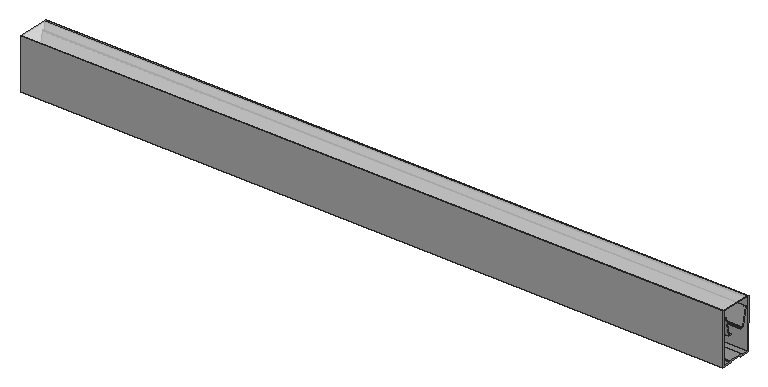
Revit family "2093121 Sylvania Lighting Fixture MC2 1-2M 3K DALI WHT OPAL Recessed", category Lighting Fixtures, host Face, Revit 2016
Family settings
  Host = Face
  Part Type = Normal
  Round Connector Dimension = Use Diameter
  OmniClass Number = 23.80.70.11.17
  OmniClass Title = Specialized Lighting by Location or Use
  Cut with Voids When Loaded = No
  Light Source = Yes
  Shared = No
  Room Calculation Point = No
Parameters (values of type "2093121 MC2 1.2M 3K DALI WHT OPAL Recessed")
  Width_SYL = 54.0 mm
  Weight = "2.5 kg"
  Wattage = 20.97 W
  WarrantyStartDate [instance] = "n/a"
  WarrantyGuarantorParts = "n/a"
  WarrantyDurationUnit = "n/a"
  WarrantyDurationParts = "n/a"
  WarrantyDescription = "n/a"
  built-in parameter 1150110 = 1 (stored number, unit not read)
  Voltage = 0 V
  VoidLengthRight_SYL [instance] = if(EndCapRight_SYL, Length_SYL / 2 + 2.0 mm, Length_SYL / 2)  # 600.0 mm
  VoidLengthLeft_SYL [instance] = if(EndCapLeft_SYL, Length_SYL / 2 + 2.0 mm, Length_SYL / 2)  # 600.0 mm
  URL = "http://www.sylvania-lighting.com"
  TypeName = "MC2 1.2M 3K DALI WHT OPAL Recessed"
  built-in parameter 1114217 = 1 (stored number, unit not read)
  Tilt Angle = -90.00°
  built-in parameter 1150109 = 1 (stored number, unit not read)
  built-in parameter 1150134 = (empty or 0)
  built-in parameter 1150113 = 1 (stored number, unit not read)
  SerialNumber [instance] = "n/a"
  PowerFactor = 0.98
  PowerConsumption = "20.97 W"
  NominalWidth = 0.0 mm
  NominalLength = 1200.0 mm
  NominalHeight = 86.0 mm
  Name = "MC2 1.2M 3K DALI WHT OPAL Recessed"
  ModelReference = "MC2 1.2M 3K DALI WHT OPAL Recessed"
  ModelNumber = "2093121"
  Material_3_SYL = Metal_Sylvania_Mini Contiuum II_Silver
  Photometric Web File = "2093121.ies"
  Material_4_SYL = Metal_Sylvania_Mini Contiuum II_Silver
  Material = "aluminium housing, polycarbonate diffuser"
  ManufacturerName = "Feilo Sylvania"
  LuminousEfficacy = "105 lm/W"
  LuminaireType = ""
  LightOutputRatio = "100"
  Length_SYL = 1200.0 mm
  LampsType = Lamp  # "LED"
  LampNominalLuminous = "2207 lm"
  LampMacAdamStep = "3"
  LampColourTemperature = "3000 K"
  LampColourRenderingIndex = "80"
  Keynote = "16500"
  InstallationDate [instance] = "n/a"
  InputVoltage = "n/a"
  InputNominalFrequency = "n/a"
  IngressProtection = "IP20"
  ImpactProtectionIndex = "n/a"
  IfcExportType = "IfcLightFixtureType"
  IfcExportAs = "IfcLightFixtureType"
  Height_SYL = 86.0 mm
  ExpectedLife = 50000
  EndCapRight_SYL [instance] = no
  EndCapLeft_SYL [instance] = no
  Emit from Rectangle Width = Width_SYL - 2.0 mm  # 52.0 mm
  Emit from Rectangle Length = Length_SYL  # 1200.0 mm
  Emit Shape Visible in Rendering = no
  ElectricShockClassification = "Class I"
  DurationUnit = "hours"
  DocumentationLiterature = "http://www.sylvania-lighting.com/product/en-int/products/2093121"
  DimmingControlOptions = "n/a"
  CreatedOn = "10/15/2018"
  CreatedBy = "@sylvania-lighting.com"
  built-in parameter 1114216 [instance] = 1 (stored number, unit not read)
  Model = "MC2 1.2M 3K DALI WHT OPAL Recessed"
  Manufacturer = "Feilo Sylvania"
  built-in parameter 1150105 = 175.22 (stored number, unit not read)
  Lumens = 2201.85 lm
  built-in parameter 1150115 = 1 (stored number, unit not read)
  built-in parameter 1150137 = (empty or 0)
  built-in parameter 1150139 = (empty or 0)
  built-in parameter 1150112 = 1 (stored number, unit not read)
  built-in parameter 1150114 = 1 (stored number, unit not read)
  Lamp = "LED"
  built-in parameter 1150132 = 2
  built-in parameter 1150102 = (empty or 0)
  built-in parameter 1150107 = 3000 (stored number, unit not read)
  built-in parameter 1150138 = (empty or 0)
  built-in parameter 1150106 = 1.7522 (stored number, unit not read)
  Material_1_SYL = Metal_Sylvania_Mini Continuum II_White
  built-in parameter 1150104 = 9.7548 (stored number, unit not read)
  Dimming Lamp Color Temperature Shift = <None>
  Material_2_SYL = Polycarbonate_Sylvania_Mini Continuum II_Opal_4000K
  Description = "2093121   MC2 1.2M 3K DALI WHT OPAL  Continuous lines of LED light, white RAL 9016, direct distribution, trimless detail for a seamless finish, suitable for recessed, semi-recessed, surface-mounted or suspended installation either horizontally or vertically, various accessories available, compact and minimalist design based on the Golden Mean, ideal for offices, meeting rooms, corridors, education facilities, museums and libraries, extruded aluminium body, diffuser: opal, colour temperature: 3000K warm white, total system power: 21W, total fixture output: 2207lm, luminaire efficacy: 105lm/W, LOR: 100%, colour rendering: Ra >80, LED Chromacity: 1 step MacAdam ellipse, lifetime: 60,000 hours at 90% of the original output (L90), energy class: A++, A+, A, IR/UV free light source without heat radiation, operating voltage: 220-240V / 50-60Hz, drive current: 800mA, electronic driver, DALI dimmable, electrical protection: CLASS I, IP20, suitable for internal environment only."
  Default Elevation = 0.0 mm
  Color Filter = 16777215
  built-in parameter 1140040 [instance] = 1
  BarCode [instance] = "n/a"
  built-in parameter 1114218 = 1 (stored number, unit not read)
  built-in parameter 1150133 = 10 (stored number, unit not read)
  AssetType = "Fixed"
  AssetIdentifier [instance] = "n/a"
  Assembly Code = "D5020200"
  Apparent Load = 20.97 VA
Reference planes
  plane 1 "Center (Front/Back)": y = 0
  plane 2 "Bottom Fixtures": z = 0
  plane 3 "Center (Left/Right)": x = 0
  plane 4 "Fixture Left": x = -600
  plane 5 "Fixture Right": x = 600
  plane 6 "Fixture Bottom": z = 0
  plane 7: z = -2
  plane 8: z = -4
  plane 9: z = -13.049
  plane 10: z = -43.049
  plane 11 "Fixture Top": z = -86
  plane 12 "Mounting Right": x = 572
  plane 13 "Mounting Left": x = -572
  plane 14: z = -121
  plane 15: y = 27
  plane 16: y = -27
  plane 17: y = -26
  plane 18: y = -25
  plane 19: y = 26
  plane 20: y = 25
  plane 21: y = 11
  plane 22: y = -11
  plane 23: y = 24
  plane 24: y = 22
  plane 25: y = -22
  plane 26: y = 15
  plane 27: y = -15
  plane 28 "Upper Diffuser Left": x = -450
  plane 29 "Upper Diffuser Right": x = 450
  plane 30: x = -602
  plane 31: x = 602
  plane 32: x = -600
  plane 33: x = 600
Forms (mm)
  Extrusion 1, solid, material "Metal_Sylvania_Mini Continuum II_White" <- "Material_1_SYL", detail levels fine
    sketch origin (0, 0, 520) x (0, 1, 0) y (0, 0, 1)
      loop
        line (27, -520) -> (26, -520) -> (26, -522) -> (25, -522) -> (25, -604) -> (13, -604) -> (13, -602) -> (-13, -602) -> (-13, -604) -> (-25, -604) -> (-25, -522) -> (-26, -522) -> (-26, -520) -> (-27, -520) -> (-27, -606) -> (-11, -606) -> (-11, -604) -> (11, -604) -> (11, -606) -> (27, -606) -> (27, -520)
    from -600 to 600
  Extrusion 2, solid, material "Polycarbonate_Sylvania_Mini Continuum II_Opal_4000K" <- "Material_2_SYL", detail levels fine
    sketch origin (0, 0, 520) x (0, 1, 0) y (0, 0, 1)
      loop
        line (-26, -520) -> (-26, -522) -> (26, -522) -> (26, -520) -> (-26, -520)
    from -600 to 600
  Extrusion 3, solid, material "Metal_Sylvania_Mini Contiuum II_Silver" <- "Material_3_SYL", detail levels fine
    sketch origin (0, 0, 520) x (0, 1, 0) y (0, 0, 1)
      loop
        line (22, -533.049) -> (20.973, -533.049) -> (14.206, -562.049) -> (11, -562.049) -> (11, -563.049) -> (15, -563.049) -> (22, -533.049)
      loop
        line (-15, -563.049) -> (-11, -563.049) -> (-11, -562.049) -> (-14.206, -562.049) -> (-20.973, -533.049) -> (-22, -533.049) -> (-15, -563.049)
    from -600 to 600
  Extrusion 4, solid, material "Metal_Sylvania_Mini Continuum II_White" <- "Material_1_SYL", detail levels coarse+medium
    sketch origin (0, 0, 520) x (0, 1, 0) y (0, 0, 1)
      loop
        line (-27, -520) -> (-27, -606) -> (27, -606) -> (27, -520) -> (-27, -520)
    from -600 to 600
  Extrusion 5, solid, material "Metal_Sylvania_Mini Continuum II_White" <- "Material_1_SYL", visible <- "EndCapLeft_SYL"
    sketch origin (-600, 171.684, 1219.2) x (0, 1, 0) y (0, 0, 1)
      loop
        line (-198.684, -1305.2) -> (-144.684, -1305.2) -> (-144.684, -1219.2) -> (-198.684, -1219.2) -> (-198.684, -1305.2)
    from 0 to -2
  Extrusion 6, solid, material "Metal_Sylvania_Mini Continuum II_White" <- "Material_1_SYL", visible <- "EndCapRight_SYL"
    sketch origin (600, 171.684, 1219.2) x (0, 1, 0) y (0, 0, -1)
      loop
        line (-144.684, 1219.2) -> (-144.684, 1305.2) -> (-198.684, 1305.2) -> (-198.684, 1219.2) -> (-144.684, 1219.2)
    from 0 to -2
  Extrusion 7, void
    sketch origin (0, 0, 0) x (1, 0, 0) y (0, 1, 0)
      loop
        line (-600, 27) -> (-600, -27) -> (600, -27) -> (600, 27) -> (-600, 27)
    from 0 to -86
Lines and regions (mm)
  Masking region 1
    outline origin (0, 0, -86) x (-1, 0, 0) y (0, -1, 0)
      loop
        line (600, -27) -> (600, 27) -> (-600, 27) -> (-600, -27) -> (600, -27)
  symbolic lines, detail levels fine
    curve 1: line (-600, 26, -86) -> (600, 26, -86)
    curve 2: line (-600, -26, -86) -> (600, -26, -86)
Dimensions and locks
  host sketch curve to plane 3 "Center (Left/Right)" to host sketch curve = 820.0 mm, 775.047 mm
  equal spacing: plane 4 "Fixture Left", plane 3 "Center (Left/Right)", plane 5 "Fixture Right"
  "Length_SYL": plane 4 "Fixture Left" to plane 5 "Fixture Right"
  plane 6 "Fixture Bottom" to plane 7 to plane 8 to plane 9 to plane 10 = 2.0 mm locked, 2.0 mm locked, 9.049 mm locked, 30.0 mm locked
  locked: Extrusion 1 sketch curve to Extrusion 1 sketch curve at 2
  locked: Extrusion 1 sketch curve to plane 11 "Fixture Top" at 2
  "Height_SYL": plane 6 "Fixture Bottom" to plane 11 "Fixture Top"
  locked: plane 12 "Mounting Right" to plane 5 "Fixture Right" at 28
  locked: plane 4 "Fixture Left" to plane 13 "Mounting Left" at 28
  locked: plane 11 "Fixture Top" to plane 14 at 35
  plane 6 "Fixture Bottom" to plane 2 "Bottom Fixtures" = 0.0 mm
  equal spacing: plane 15, plane 1 "Center (Front/Back)", plane 16
  "Width_SYL": plane 15 to plane 16
  plane 22 to plane 27 to plane 25 to plane 18 to plane 17 to plane 16 = 4.0 mm locked, 7.0 mm locked, 3.0 mm locked, 1.0 mm locked, 1.0 mm locked
  plane 15 to plane 19 to plane 20 to plane 23 to plane 24 to plane 26 to plane 21 = 1.0 mm locked, 1.0 mm locked, 1.0 mm locked, 2.0 mm locked, 7.0 mm locked, 4.0 mm locked
  locked: plane 4 "Fixture Left" to plane 28 "Upper Diffuser Left" at 150
  locked: plane 29 "Upper Diffuser Right" to plane 5 "Fixture Right" at 150
  equal spacing: plane 30, plane 3 "Center (Left/Right)", plane 31
  locked: plane 30 to plane 4 "Fixture Left" at 2
  plane 3 "Center (Left/Right)" to plane 33 = 600.0 mm
  "VoidLengthLeft_SYL": plane 32 to plane 3 "Center (Left/Right)"
  "VoidLengthRight_SYL": plane 3 "Center (Left/Right)" to plane 33
  aligned and locked: plane 2 "Bottom Fixtures" to host face
  aligned and locked: level to host face
  aligned and locked: plane 5 "Fixture Right" to curve 1
  aligned and locked: plane 4 "Fixture Left" to curve 1
  aligned and locked: plane 4 "Fixture Left" to curve 2
  aligned and locked: plane 5 "Fixture Right" to curve 2
  aligned and locked: Extrusion 1 sketch curve to plane 7
  aligned and locked: plane 6 "Fixture Bottom" to Extrusion 1 sketch curve  (x2)
  aligned and locked: plane 7 to Extrusion 1 sketch curve
  aligned and locked: Extrusion 1 to Extrusion 2 sketch curve
  aligned and locked: Extrusion 2 sketch curve to Extrusion 1  (x3)
  aligned and locked: Extrusion 3 sketch curve to plane 10
  aligned and locked: plane 9 to Extrusion 3 sketch curve
  aligned and locked: Extrusion 3 sketch curve to plane 9
  aligned and locked: Extrusion 4 sketch curve to plane 6 "Fixture Bottom"
  aligned and locked: Extrusion 4 to plane 4 "Fixture Left"
  aligned and locked: Extrusion 2 to plane 4 "Fixture Left"
  aligned and locked: Extrusion 3 to plane 4 "Fixture Left"
  aligned and locked: Extrusion 1 to plane 4 "Fixture Left"
  aligned and locked: Extrusion 4 to plane 5 "Fixture Right"
  aligned and locked: Extrusion 2 to plane 5 "Fixture Right"
  aligned and locked: Extrusion 3 to plane 5 "Fixture Right"
  aligned and locked: Extrusion 1 to plane 5 "Fixture Right"
  aligned and locked: plane 11 "Fixture Top" to Extrusion 4 sketch curve
  aligned and locked: Extrusion 1 sketch curve to plane 11 "Fixture Top"  (x2)
  aligned and locked: Extrusion 1 sketch curve to Extrusion 1 sketch curve
  aligned and locked: plane 6 "Fixture Bottom" to imposter light
  aligned and locked: plane 21 to Extrusion 3 sketch curve
  aligned and locked: plane 22 to Extrusion 3 sketch curve
  aligned and locked: Extrusion 5 sketch curve to Extrusion 4  (x4)
  aligned and locked: Extrusion 5 to plane 30
  aligned and locked: plane 4 "Fixture Left" to Extrusion 5
  aligned and locked: Extrusion 6 sketch curve to Extrusion 4  (x4)
  aligned and locked: plane 31 to Extrusion 6
  aligned and locked: plane 5 "Fixture Right" to Extrusion 6
  aligned and locked: Extrusion 7 sketch curve to Extrusion 5
  aligned and locked: Extrusion 7 sketch curve to Extrusion 6
  aligned and locked: level to Extrusion 7
  aligned and locked: plane 2 "Bottom Fixtures" to Extrusion 7
  aligned and locked: Extrusion 7 to plane 32
  aligned and locked: plane 33 to Extrusion 7
  aligned and locked: imposter light to plane 1 "Center (Front/Back)"
  aligned and locked: plane 3 "Center (Left/Right)" to imposter light
  aligned and locked: Extrusion 7 to Extrusion 1
Automatic sketch dimensions
  host sketch curve to host sketch curve = 1047.463 mm
  plane 19 to curve 1 = 0.0 mm
  curve 2 to plane 17 = 0.0 mm
  Masking region 1 sketch curve to plane 5 "Fixture Right" = 0.0 mm
  Masking region 1 sketch curve to plane 4 "Fixture Left" = 0.0 mm
  plane 15 to Masking region 1 sketch curve = 0.0 mm
  Masking region 1 sketch curve to plane 16 = 0.0 mm
  Extrusion 1 sketch curve to plane 16 = 0.0 mm
  Extrusion 1 sketch curve to plane 17 = 0.0 mm
  Extrusion 1 sketch curve to plane 18 = 0.0 mm
  Extrusion 1 sketch curve to plane 22 = 0.0 mm
  Extrusion 1 sketch curve to plane 21 = 0.0 mm
  Extrusion 1 sketch curve to plane 20 = 0.0 mm
  Extrusion 1 sketch curve to plane 19 = 0.0 mm
  Extrusion 1 sketch curve to plane 15 = 0.0 mm
  plane 11 "Fixture Top" to Extrusion 1 sketch curve = 2.0 mm
  Extrusion 1 sketch curve to plane 22 = 2.0 mm
  Extrusion 1 sketch curve to plane 21 = 2.0 mm
  Extrusion 3 sketch curve to plane 25 = 0.0 mm
  Extrusion 3 sketch curve to plane 27 = 0.0 mm
  Extrusion 3 sketch curve to plane 26 = 0.0 mm
  Extrusion 3 sketch curve to plane 24 = 0.0 mm
  plane 10 to Extrusion 3 sketch curve = 1.0 mm
  Extrusion 3 sketch curve to Extrusion 3 sketch curve = 1.027 mm
  plane 27 to Extrusion 3 sketch curve = 0.794 mm
  plane 26 to Extrusion 3 sketch curve = 0.794 mm
  plane 24 to Extrusion 3 sketch curve = 1.027 mm
  Extrusion 4 sketch curve to plane 16 = 0.0 mm
  Extrusion 4 sketch curve to plane 15 = 0.0 mm
  Extrusion 3 sketch curve to Extrusion 3 sketch curve = 0.0 mm
  Extrusion 3 sketch curve to plane 10 = 0.0 mm
  plane 30 to Extrusion 7 sketch curve = 2.0 mm
  Extrusion 7 sketch curve to plane 31 = 2.0 mm
Connectors
  electrical at (600, 0, -51), driven by "Apparent Load"
    settings: on Extrusion 1, index 1, voltage 230 V, apparent load 0 VA, apparent load phase1 20.97 VA, apparent load phase2 0 VA, apparent load phase3 0 VA, power factor 1, load classification "Lighting", number of poles 1, system type 31, power factor state 1, is connector primary yes, connector utility no, sub classification motor no, connector description ""
